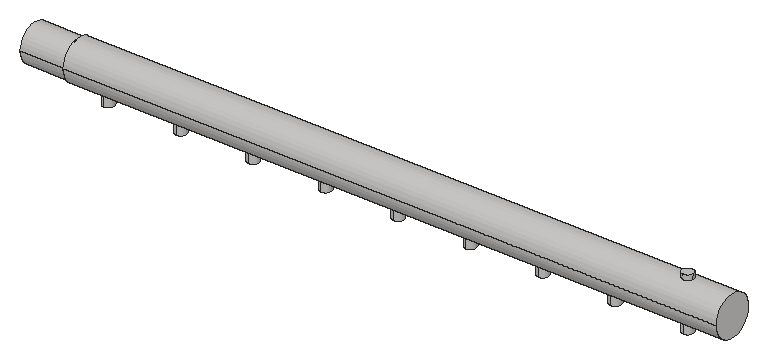
Revit family "BIMLIB_Коллектор_462_9_РОСТерм", category Оборудование, Revit 2017
Family settings
  Размер круглого соединителя = Использовать диаметр
  Тип детали = Нормальный
  На основе рабочей плоскости = Нет
  Всегда вертикально = Да
  При загрузке вырезать с полостями = Нет
  Общий = Нет
  Точка расчета площади = Нет
Parameters (values of type "Коллектор HEIZEN 462 Ду50 на 9 выходов")
  РТ_Шаг = 100 mm
  РТ_l = 100 mm  # constant formula
  РТ_R1 = РТ_R + 5 mm  # 32 mm
  РТ_R = 27 mm
  РТ_R_низ = РТ_DN_низ / 2  # 7.5 mm
  РТ_DN3 = 15 mm  # constant formula
  Описание = "Коллекторы Heizen изготовлены из высококачественной латуни и нержавеющей стали, что исключает риск протечек. Коллекторы могут быть оснащены различными видами арматуры: ручными балансировочными клапанами,ручными запорными клапанами, термостатическими клапанами, расходомерами, воздухоотводчиками и дренажными кранами."
  РТ_DN_низ = 15 mm  # constant formula
  РТ_DN_бок = 50 mm
  Изготовитель = "РОСТерм"  # constant formula
  URL = "http://rostherm.ru/"
  BL_Разработано = "support@bimlib.ru"  # constant formula
  BL_Email = "rostherm@bimlib.ru"  # constant formula
  BL_BIM library = "https://bimlib.pro/manufacturer/rosterm/1632/"
  ADSK_Расход жидкости [instance] = 0.0 L/s
  ADSK_Примечание = ""
  ADSK_Позиция = ""
  ADSK_Обозначение = "ГОСТ 12.2.063-2015"  # constant formula
  ADSK_Наименование краткое = "HEIZEN 462 Ду50"
  ADSK_Наименование = "Коллектор HEIZEN 462 для систем отопения, горячего и холодного водоснабжения сварной Ду50 на 09 выходов"
  ADSK_Материал = BIMLIB_Нержавеющая_сталь_РОСТерм
  ADSK_Масса_Текст = ""
  ADSK_Масса = 0
  ADSK_Марка = "HEIZEN 462"  # constant formula
  ADSK_Код изделия = "462-50-10-09"
  ADSK_Завод-изготовитель = "Heizen"  # constant formula
  ADSK_Единица измерения = "шт."  # constant formula
  ADSK_Версия Revit = "2017"  # constant formula
  ADSK_URL страницы изделия = "http://rostherm.ru/kollektory/"
  ADSK_URL документации изделия = "http://rostherm.ru/"
Types (4, lengths in mm): name | РТ_R1 | РТ_R | РТ_DN_бок | ADSK_Наименование краткое | ADSK_Наименование | ADSK_Код изделия
  Коллектор HEIZEN 462 Ду50 на 9 выходов | 32 | 27 | 50 | "HEIZEN 462 Ду50" | "Коллектор HEIZEN 462 для систем отопения, горячего и холодного водоснабжения сварной Ду50 на 09 выходов" | "462-50-10-09"
  Коллектор HEIZEN 462 Ду40 на 9 выходов | 27 | 22 | 40 | "HEIZEN 462 Ду40" | "Коллектор HEIZEN 462 для систем отопения, горячего и холодного водоснабжения сварной Ду40 на 9 выходов" | "462-40-10-09"
  Коллектор HEIZEN 462 Ду32 на 9 выходов | 23 | 18 | 32 | "HEIZEN 462 Ду32" | "Коллектор HEIZEN 462 для систем отопения, горячего и холодного водоснабжения сварной Ду32 на 9 выходов" | "462-32-10-09"
  Коллектор HEIZEN 462 Ду25 на 9 выходов | 20 | 15 | 25 | "HEIZEN 462 Ду25" | "Коллектор HEIZEN 462 для систем отопения, горячего и холодного водоснабжения сварной Ду25 на 9 выходов" | "462-25-10-09"
Reference planes
  plane 1 "По центру (Вперед/Назад)": y = 0
  plane 2: z = 0
  plane 3 "По центру (Влево/Вправо)": x = 0
  plane 4: x = 100
  plane 5: x = 1185
  plane 6: x = 60
  plane 7: z = 32
Forms (mm)
  Extrusion 1, solid, material "BIMLIB_Нержавеющая_сталь_РОСТерм" <- "ADSK_Материал", detail levels medium+fine
    sketch origin (65, 0, 0) x (0, 1, 0) y (0, 0, 1)
      loop
        circle (0, 0) r 27
    from -5 to 885
  Sweep 2, solid, material "BIMLIB_Нержавеющая_сталь_РОСТерм" <- "ADSK_Материал", detail levels medium+fine
    path origin (65, 0, 7.5) x (1, 0, 0) y (0, 0, 1)
      loop
        line (35, -7.5) -> (35, -47.5)
    profile origin (100, 0, -20) x (0, -1, 0) y (1, 0, 0)
      loop
        circle (0, 0) r 7.5
  Sweep 3, solid, material "BIMLIB_Нержавеющая_сталь_РОСТерм" <- "ADSK_Материал", detail levels medium+fine
    path origin (163.636, 0, 7.5) x (1, 0, 0) y (0, 0, 1)
      loop
        line (35, -7.5) -> (35, -47.5)
    profile origin (198.636, 0, -20) x (0, -1, 0) y (1, 0, 0)
      loop
        circle (0, 0) r 7.5
  Sweep 4, solid, material "BIMLIB_Нержавеющая_сталь_РОСТерм" <- "ADSK_Материал", detail levels medium+fine
    path origin (262.273, 0, 7.5) x (1, 0, 0) y (0, 0, 1)
      loop
        line (35, -7.5) -> (35, -47.5)
    profile origin (297.273, 0, -20) x (0, -1, 0) y (1, 0, 0)
      loop
        circle (0, 0) r 7.5
  Sweep 5, solid, material "BIMLIB_Нержавеющая_сталь_РОСТерм" <- "ADSK_Материал", detail levels medium+fine
    path origin (360.909, 0, 7.5) x (1, 0, 0) y (0, 0, 1)
      loop
        line (35, -7.5) -> (35, -47.5)
    profile origin (395.909, 0, -20) x (0, -1, 0) y (1, 0, 0)
      loop
        circle (0, 0) r 7.5
  Sweep 6, solid, material "BIMLIB_Нержавеющая_сталь_РОСТерм" <- "ADSK_Материал", detail levels medium+fine
    path origin (459.545, 0, 7.5) x (1, 0, 0) y (0, 0, 1)
      loop
        line (35, -7.5) -> (35, -47.5)
    profile origin (494.545, 0, -20) x (0, -1, 0) y (1, 0, 0)
      loop
        circle (0, 0) r 7.5
  Sweep 7, solid, material "BIMLIB_Нержавеющая_сталь_РОСТерм" <- "ADSK_Материал", detail levels medium+fine
    path origin (558.182, 0, 7.5) x (1, 0, 0) y (0, 0, 1)
      loop
        line (35, -7.5) -> (35, -47.5)
    profile origin (593.182, 0, -20) x (0, -1, 0) y (1, 0, 0)
      loop
        circle (0, 0) r 7.5
  Sweep 8, solid, material "BIMLIB_Нержавеющая_сталь_РОСТерм" <- "ADSK_Материал", detail levels medium+fine
    path origin (656.818, 0, 7.5) x (1, 0, 0) y (0, 0, 1)
      loop
        line (35, -7.5) -> (35, -47.5)
    profile origin (691.818, 0, -20) x (0, -1, 0) y (1, 0, 0)
      loop
        circle (0, 0) r 7.5
  Sweep 9, solid, material "BIMLIB_Нержавеющая_сталь_РОСТерм" <- "ADSK_Материал", detail levels medium+fine
    path origin (755.455, 0, 7.5) x (1, 0, 0) y (0, 0, 1)
      loop
        line (35, -7.5) -> (35, -47.5)
    profile origin (790.455, 0, -20) x (0, -1, 0) y (1, 0, 0)
      loop
        circle (0, 0) r 7.5
  Sweep 10, solid, material "BIMLIB_Нержавеющая_сталь_РОСТерм" <- "ADSK_Материал", detail levels medium+fine
    path origin (854.091, 0, 7.5) x (1, 0, 0) y (0, 0, 1)
      loop
        line (35, -7.5) -> (35, -47.5)
    profile origin (889.091, 0, -20) x (0, -1, 0) y (1, 0, 0)
      loop
        circle (0, 0) r 7.5
  Extrusion 11, solid, material "BIMLIB_Нержавеющая_сталь_РОСТерм" <- "ADSK_Материал", detail levels medium+fine
    sketch origin (50, 0, 0) x (0, 1, 0) y (0, 0, 1)
      loop
        circle (0, 0) r 25
    from -50 to 10
  Extrusion 12, solid, material "BIMLIB_Нержавеющая_сталь_РОСТерм" <- "ADSK_Материал", detail levels medium+fine
    sketch origin (-295.909, 0, 0) x (1, 0, 0) y (0, 1, 0)
      loop
        circle (1185, 0) r 7.5
    from 0 to 32
Lines and regions (mm)
  model lines, detail levels coarse
    curve 1: line (0, 0, 0) -> (950, 0, 0)
    curve 2: line (100, 0, 0) -> (100, 0, -40)
    curve 3: line (198.636, 0, 0) -> (198.636, 0, -40)
    curve 4: line (297.273, 0, 0) -> (297.273, 0, -40)
    curve 5: line (395.909, 0, 0) -> (395.909, 0, -40)
    curve 6: line (494.545, 0, 0) -> (494.545, 0, -40)
    curve 7: line (593.182, 0, 0) -> (593.182, 0, -40)
    curve 8: line (691.818, 0, 0) -> (691.818, 0, -40)
    curve 9: line (790.455, 0, 0) -> (790.455, 0, -40)
    curve 10: line (889.091, 0, 0) -> (889.091, 0, -40)
Dimensions and locks
  "РТ_l": plane 4 to plane 3 "По центру (Влево/Вправо)"
  Sweep 2 sketch curve to Sweep 2 sketch curve = 40 mm
  Sweep 3 sketch curve to Sweep 3 sketch curve = 40 mm
  Sweep 4 sketch curve to Sweep 4 sketch curve = 40 mm
  Sweep 5 sketch curve to Sweep 5 sketch curve = 40 mm
  Sweep 6 sketch curve to Sweep 6 sketch curve = 40 mm
  Sweep 7 sketch curve to Sweep 7 sketch curve = 40 mm
  Sweep 8 sketch curve to Sweep 8 sketch curve = 40 mm
  Sweep 9 sketch curve to Sweep 9 sketch curve = 40 mm
  Sweep 10 sketch curve to Sweep 10 sketch curve = 40 mm
  locked: plane 4 to plane 6 at 40
  "РТ_R1": plane 7 to level
  "РТ_R": radius of Extrusion 1 sketch curve
  "РТ_R_низ": radius of Sweep 2 sketch curve
  "РТ_R_низ": radius of Sweep 3 sketch curve
  "РТ_R_низ": radius of Sweep 4 sketch curve
  "РТ_R_низ": radius of Sweep 5 sketch curve
  "РТ_R_низ": radius of Sweep 6 sketch curve
  "РТ_R_низ": radius of Sweep 7 sketch curve
  "РТ_R_низ": radius of Sweep 8 sketch curve
  "РТ_R_низ": radius of Sweep 9 sketch curve
  "РТ_R_низ": radius of Sweep 10 sketch curve
  "РТ_DN_бок": diameter of Extrusion 11 sketch curve
  "РТ_DN_низ": diameter of Extrusion 12 sketch curve
  aligned and locked: level to plane 2
  aligned and locked: Extrusion 1 to plane 6
  aligned and locked: Extrusion 11 to plane 3 "По центру (Влево/Вправо)"
  aligned and locked: Extrusion 11 to Extrusion 1
  aligned and locked: plane 7 to Extrusion 12
  aligned and locked: curve 1 to Extrusion 1
Automatic sketch dimensions
  Sweep 2 sketch curve to profile plane = 0 mm
  profile plane to Sweep 2 sketch curve = 0 mm
  Sweep 3 sketch curve to profile plane = 0 mm
  profile plane to Sweep 3 sketch curve = 0 mm
  Sweep 4 sketch curve to profile plane = 0 mm
  profile plane to Sweep 4 sketch curve = 0 mm
  Sweep 5 sketch curve to profile plane = 0 mm
  profile plane to Sweep 5 sketch curve = 0 mm
  Sweep 6 sketch curve to profile plane = 0 mm
  profile plane to Sweep 6 sketch curve = 0 mm
  Sweep 7 sketch curve to profile plane = 0 mm
  profile plane to Sweep 7 sketch curve = 0 mm
  Sweep 8 sketch curve to profile plane = 0 mm
  profile plane to Sweep 8 sketch curve = 0 mm
  Sweep 9 sketch curve to profile plane = 0 mm
  profile plane to Sweep 9 sketch curve = 0 mm
  Sweep 10 sketch curve to profile plane = 0 mm
  profile plane to Sweep 10 sketch curve = 0 mm
  Extrusion 1 sketch curve to level = 0 mm
  Extrusion 1 sketch curve to plane 1 "По центру (Вперед/Назад)" = 0 mm
  curve 1 to plane 3 "По центру (Влево/Вправо)" = 0 mm
  curve 2 to plane 4 = 0 mm
  curve 3 to level = 40 mm
  curve 2 to curve 3 = 98.636 mm
  curve 3 to curve 4 = 98.636 mm
  curve 4 to curve 5 = 98.636 mm
  curve 6 to level = 40 mm
  curve 5 to curve 6 = 98.636 mm
  curve 6 to curve 7 = 98.636 mm
  curve 7 to curve 8 = 98.636 mm
  curve 8 to curve 9 = 98.636 mm
  curve 10 to level = 40 mm
  curve 9 to curve 10 = 98.636 mm
  curve 10 to curve 1 = 60.909 mm
  curve 9 to curve 9 = 40 mm
  curve 4 to curve 4 = 40 mm
  curve 5 to curve 5 = 40 mm
  curve 2 to curve 2 = 40 mm
  curve 7 to curve 7 = 40 mm
  curve 8 to curve 8 = 40 mm
  plane 1 "По центру (Вперед/Назад)" to Extrusion 12 sketch curve = 0 mm
  Extrusion 12 sketch curve to plane 5 = 295.909 mm
  Extrusion 11 sketch curve to level = 0 mm
  Extrusion 11 sketch curve to plane 1 "По центру (Вперед/Назад)" = 0 mm
Connectors
  piping at (100, 0, -40), diameter 15, driven by "РТ_DN_низ", driven by "ADSK_Расход жидкости"
    settings: on Sweep 2, index 3, connector inside diameter 609.6 mm, connector length 0 mm, flow factor 0, pipe flow 0.0 L/s, pressure drop 0.0 Pa, fitting loss kfactor 0, connector angle 0.00°, fixture units 0, engagement length 0 mm, angle of deflection 0.00°, flow configuration 0, flow direction 2, fitting loss method 0, system type 7, joint type 0, gender type 0, connector reference index -1, connector utility 0, adjustable connector no, is connector primary yes, connector description ""
  piping at (198.636, 0, -40), diameter 15, driven by "РТ_DN_низ", driven by "ADSK_Расход жидкости"
    settings: on Sweep 3, index 4, connector inside diameter 609.6 mm, connector length 0 mm, flow factor 0, pipe flow 0.0 L/s, pressure drop 0.0 Pa, fitting loss kfactor 0, connector angle 0.00°, fixture units 0, engagement length 0 mm, angle of deflection 0.00°, flow configuration 0, flow direction 2, fitting loss method 0, system type 7, joint type 0, gender type 0, connector reference index -1, connector utility 0, adjustable connector no, is connector primary no, connector description ""
  piping at (297.273, 0, -40), diameter 15, driven by "РТ_DN_низ", driven by "ADSK_Расход жидкости"
    settings: on Sweep 4, index 5, connector inside diameter 609.6 mm, connector length 0 mm, flow factor 0, pipe flow 0.0 L/s, pressure drop 0.0 Pa, fitting loss kfactor 0, connector angle 0.00°, fixture units 0, engagement length 0 mm, angle of deflection 0.00°, flow configuration 0, flow direction 2, fitting loss method 0, system type 7, joint type 0, gender type 0, connector reference index -1, connector utility 0, adjustable connector no, is connector primary no, connector description ""
  piping at (395.909, 0, -40), diameter 15, driven by "РТ_DN_низ", driven by "ADSK_Расход жидкости"
    settings: on Sweep 5, index 6, connector inside diameter 609.6 mm, connector length 0 mm, flow factor 0, pipe flow 0.0 L/s, pressure drop 0.0 Pa, fitting loss kfactor 0, connector angle 0.00°, fixture units 0, engagement length 0 mm, angle of deflection 0.00°, flow configuration 0, flow direction 2, fitting loss method 0, system type 7, joint type 0, gender type 0, connector reference index -1, connector utility 0, adjustable connector no, is connector primary no, connector description ""
  piping at (494.545, 0, -40), diameter 15, driven by "РТ_DN_низ", driven by "ADSK_Расход жидкости"
    settings: on Sweep 6, index 27, connector inside diameter 609.6 mm, connector length 0 mm, flow factor 0, pipe flow 0.0 L/s, pressure drop 0.0 Pa, fitting loss kfactor 0, connector angle 0.00°, fixture units 0, engagement length 0 mm, angle of deflection 0.00°, flow configuration 0, flow direction 2, fitting loss method 0, system type 7, joint type 0, gender type 0, connector reference index -1, connector utility 0, adjustable connector no, is connector primary no, connector description ""
  piping at (593.182, 0, -40), diameter 15, driven by "РТ_DN_низ", driven by "ADSK_Расход жидкости"
    settings: on Sweep 7, index 29, connector inside diameter 609.6 mm, connector length 0 mm, flow factor 0, pipe flow 0.0 L/s, pressure drop 0.0 Pa, fitting loss kfactor 0, connector angle 0.00°, fixture units 0, engagement length 0 mm, angle of deflection 0.00°, flow configuration 0, flow direction 2, fitting loss method 0, system type 7, joint type 0, gender type 0, connector reference index -1, connector utility 0, adjustable connector no, is connector primary no, connector description ""
  piping at (691.818, 0, -40), diameter 15, driven by "РТ_DN_низ", driven by "ADSK_Расход жидкости"
    settings: on Sweep 8, index 31, connector inside diameter 609.6 mm, connector length 0 mm, flow factor 0, pipe flow 0.0 L/s, pressure drop 0.0 Pa, fitting loss kfactor 0, connector angle 0.00°, fixture units 0, engagement length 0 mm, angle of deflection 0.00°, flow configuration 0, flow direction 2, fitting loss method 0, system type 7, joint type 0, gender type 0, connector reference index -1, connector utility 0, adjustable connector no, is connector primary no, connector description ""
  piping at (790.455, 0, -40), diameter 15, driven by "РТ_DN_низ", driven by "ADSK_Расход жидкости"
    settings: on Sweep 9, index 33, connector inside diameter 609.6 mm, connector length 0 mm, flow factor 0, pipe flow 0.0 L/s, pressure drop 0.0 Pa, fitting loss kfactor 0, connector angle 0.00°, fixture units 0, engagement length 0 mm, angle of deflection 0.00°, flow configuration 0, flow direction 2, fitting loss method 0, system type 7, joint type 0, gender type 0, connector reference index -1, connector utility 0, adjustable connector no, is connector primary no, connector description ""
  piping at (889.091, 0, -40), diameter 15, driven by "РТ_DN_низ", driven by "ADSK_Расход жидкости"
    settings: on Sweep 10, index 35, connector inside diameter 609.6 mm, connector length 0 mm, flow factor 0, pipe flow 0.0 L/s, pressure drop 0.0 Pa, fitting loss kfactor 0, connector angle 0.00°, fixture units 0, engagement length 0 mm, angle of deflection 0.00°, flow configuration 0, flow direction 2, fitting loss method 0, system type 7, joint type 0, gender type 0, connector reference index -1, connector utility 0, adjustable connector no, is connector primary no, connector description ""
  piping at (0, 0, 0), diameter 50, driven by "РТ_DN_бок", driven by "ADSK_Расход жидкости"
    settings: on Extrusion 11, index 38, connector inside diameter 609.6 mm, connector length 0 mm, flow factor 0, pipe flow 0.0 L/s, pressure drop 0.0 Pa, fitting loss kfactor 0, connector angle 0.00°, fixture units 0, engagement length 0 mm, angle of deflection 0.00°, flow configuration 0, flow direction 1, fitting loss method 0, system type 7, joint type 0, gender type 0, connector reference index -1, connector utility 0, adjustable connector no, is connector primary no, connector description ""
  piping at (889.091, 0, 32), diameter 15, driven by "РТ_DN3", driven by "ADSK_Расход жидкости"
    settings: on Extrusion 12, index 39, connector inside diameter 609.6 mm, connector length 0 mm, flow factor 0, pipe flow 0.0 L/s, pressure drop 0.0 Pa, fitting loss kfactor 0, connector angle 0.00°, fixture units 0, engagement length 0 mm, angle of deflection 0.00°, flow configuration 0, flow direction 0, fitting loss method 0, system type 29, joint type 0, gender type 0, connector reference index -1, connector utility 0, adjustable connector no, is connector primary no, connector description ""
